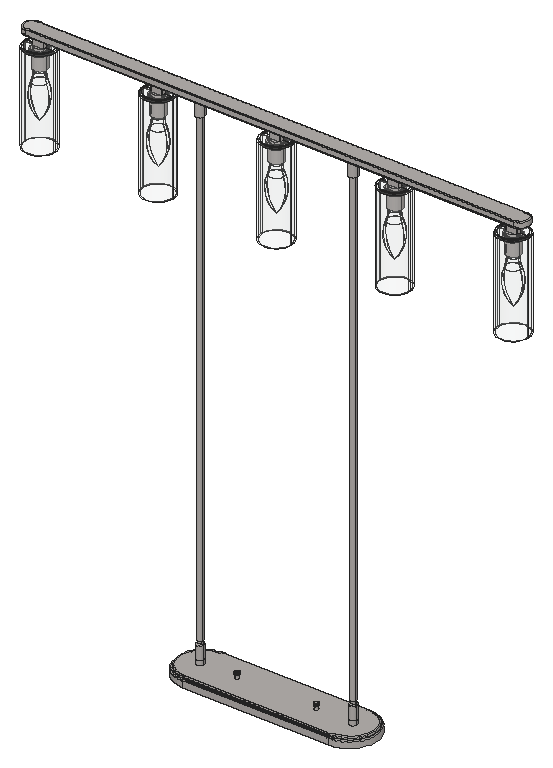
Revit family "Light_Fixture-Chandelier-KOHLER-Crue-K-35877_1", category Lighting Fixtures, host Face, Revit 2024
Family settings
  Host = Face
  Round Connector Dimension = Use Diameter
  Part Type = Normal
  OmniClass Number = 23.35.47.00
  OmniClass Title = Electrical Lighting
  Cut with Voids When Loaded = No
  Light Source = Yes
  Maintain Annotation Orientation = No
  Shared = No
  Room Calculation Point = No
Parameters (values of type "TTL-Titanium")
  Width = 44.98031"  # constant formula
  Wattage Comments = "200W"  # constant formula
  Wattage = 40 W
  WaterSense Certified = 1 = 0  # no
  built-in parameter 1150110 = 1 (stored number, unit not read)
  Voltage = 120 V  # constant formula
  URL = "https://www.us.kohler.com/us/"
  Type = 5
  Tube Height [instance] = Height - 0.55315"  # 45.94294"
  built-in parameter 1114217 = 1 (stored number, unit not read)
  built-in parameter 1150109 = 1 (stored number, unit not read)
  built-in parameter 1150134 = 1
  built-in parameter 1150113 = 1 (stored number, unit not read)
  Product Page URL = "http://www.us.kohler.com/us/catalog/productDetails.jsp?productNumber=35877-CH05"
  Product Name = "Crue"  # constant formula
  Product Documentation Link = "https://www.us.kohler.com/webassets/kpna/catalog/pdf/en/K-35877-CH05_spec_US-CA_Kohler_en.pdf"
  Model = if(Type = 1, "K-35877-CH05-2GL", if(Type = 2, "K-35877-CH05-BLL", if(Type = 3, "K-35877-CH05-BNL", if(Type = 4, "K-35877-CH05-CPL", if(Type = 5, "K-35877-CH05-TTL", "NA")))))  # "K-35877-CH05-TTL"
  Material = "Premium Metal Construction\r\n"  # constant formula
  Master Format 2014 Name = "Interior Lighting Fixtures, Lamps, And Ballasts"  # constant formula
  Master Format 2014 = "26 51 13"  # constant formula
  Manufacturer Address = "444 Highland Dr, Kohler, WI 53044"  # constant formula
  Manufacturer = "Kohler Co."  # constant formula
  built-in parameter 1150105 = 63.662 (stored number, unit not read)
  Lumens = 800 lm
  built-in parameter 1150115 = 1 (stored number, unit not read)
  Light Source Symbol Size = 3"  # constant formula
  built-in parameter 1150137 = (empty or 0)
  built-in parameter 1150139 = (empty or 0)
  Length = 4.72441"  # constant formula
  built-in parameter 1150112 = 1 (stored number, unit not read)
  built-in parameter 1150114 = 1 (stored number, unit not read)
  Lamp = "5*E12 Max 40W"  # constant formula
  built-in parameter 1150132 = (empty or 0)
  built-in parameter 1150102 = (empty or 0)
  built-in parameter 1150107 = 6500 (stored number, unit not read)
  built-in parameter 1150138 = (empty or 0)
  built-in parameter 1150106 = 0.63662 (stored number, unit not read)
  Height [instance] = 46 127/256"
  Hardware Included = 1 = 0  # no
  Finish = KOHLER-Metal-TTL-Titanium
  Environmental Product Declaration = ""
  Emit from Line Length = 4"
  Electrical Note = "One Dedicated Circuit Required"  # constant formula
  Electrical Connector = 1 = 1  # yes
  built-in parameter 1150104 = 1.8581 (stored number, unit not read)
  Dimming Lamp Color Temperature Shift = Incandescent Lamp Curve
  Description = "45 inch Linear Chandelier"  # constant formula
  Default Elevation = 0"
  Declare Label = ""
  Date Modified = "03/10/2026"  # constant formula
  Date Created = "01/23/2023"  # constant formula
  Copyright = "Copyright Kohler Co."  # constant formula
  Contact Us = "https://www.us.kohler.com/us/static/contact.jsp"
  Color Filter = 16777215
  built-in parameter 1114218 = 1 (stored number, unit not read)
  built-in parameter 1150133 = 10 (stored number, unit not read)
  Assembly Code = "D5040.50"
  Apparent Load = 200 VA  # constant formula
  ADA Compliant = 1 = 0  # no
Reference planes (in)
  plane 1 "Center (Front/Back)": y = 0
  plane 2: z = 0
  plane 3 "Center (Left/Right)": x = 0
  plane 4: z = 0
  plane 5: z = 0.7874
  plane 6: z = 1.56834
  plane 7: x = -8.85827
  plane 8: z = 2.59843
  plane 9: x = 8.85827
  plane 10: y = 2.3622
  plane 11: y = -2.3622
  plane 12: x = -22.48031
  plane 13: x = -21.10236
  plane 14: x = -19.72441
  plane 15: y = 1.37795
  plane 16: y = -1.37795
  plane 17: x = -11.92913
  plane 18: x = -10.55118
  plane 19: x = -9.17323
  plane 20: x = -1.37795
  plane 21: x = 1.37795
  plane 22: x = 9.17323
  plane 23: x = 10.55118
  plane 24: x = 11.92913
  plane 25: x = 19.74409
  plane 26: x = 21.12205
  plane 27: x = 22.5
  plane 28: z = 45.94294
  plane 29: z = 46.49609
  plane 30: z = 45.0709
  plane 31: z = 37.00003
  plane 32: z = 40.51381
Dimensions and locks (in)
  plane 27 to plane 25 = 2.75591"
  plane 24 to plane 22 = 2.75591"
  plane 21 to plane 20 = 2.75591"
  plane 19 to plane 17 = 2.75591"
  plane 12 to plane 14 = 2.75591"
  "Width": plane 12 to plane 27
  "Length": plane 10 to plane 11
  plane 5 to level = 0.7874"
  level to plane 8 = 2.59843"
  plane 7 to plane 9 = 17.71654"
  "Tube Height": plane 28 to level
  plane 29 to plane 31 = 9.49606"  (x2)
  plane 29 to plane 30 = 1.4252"
  plane 28 to plane 32 = 5.42913"
  "Height": plane 29 to level
  plane 29 to plane 28 = 0.55315"
  plane 31 to plane 30 = 8.07087"
  plane 13 to plane 18 = 10.55118"
  plane 23 to plane 26 = 10.57087"
  aligned and locked: plane 2 to host face
  aligned and locked: level to host face
  aligned and locked: plane 4 to nested 1
  aligned and locked: plane 4 to level
  aligned and locked: plane 28 to nested 2
  aligned and locked: plane 32 to nested 4
  aligned and locked: plane 32 to nested 3
  aligned and locked: imposter light to plane 32
  aligned and locked: plane 32 to nested 6
  aligned and locked: plane 32 to nested 5
Automatic sketch dimensions
  host sketch curve to host sketch curve = 96"  (x2)
Nested families (in)
  nested 1: "K-35877_Tube" at (0, 0, 1.24772), type "K-35877_Tube"
    with Tube Height 45.94294"
  nested 2: "K-35877" at (0, 0, 0.00011), type "K-35877"
    with Tube Height 45.94294"
  nested 3: "Light_Point_Source" at (-10.55118, 0, 40.51381), type "Light_Point_Source"
    with Wattage 40 W, Lumens 800 lm, Light Source Symbol Size 3", Emit from Line Length 4", Default Elevation 0", Apparent Load 200 VA
  nested 4: "Light_Point_Source" at (-21.10236, 0, 40.51381), type "Light_Point_Source"
    with Wattage 40 W, Lumens 800 lm, Light Source Symbol Size 3", Emit from Line Length 4", Default Elevation 0", Apparent Load 200 VA
  nested 5: "Light_Point_Source" at (21.12205, 0, 40.51381), type "Light_Point_Source"
    with Wattage 40 W, Lumens 800 lm, Light Source Symbol Size 3", Emit from Line Length 4", Default Elevation 0", Apparent Load 200 VA
  nested 6: "Light_Point_Source" at (10.55118, 0, 40.51381), type "Light_Point_Source"
    with Wattage 40 W, Lumens 800 lm, Light Source Symbol Size 3", Emit from Line Length 4", Default Elevation 0", Apparent Load 200 VA
Connectors (in)
  electrical at (0, 0, 0), driven by "Voltage", driven by "Apparent Load", driven by "Electrical Connector", driven by "Electrical Note"
    settings: on nested 1, index 1, voltage 120 V, apparent load 200 VA, apparent load phase1 0 VA, apparent load phase2 0 VA, apparent load phase3 0 VA, power factor 1, load classification "Lighting", number of poles 1, system type 30, power factor state 1, is connector primary yes, connector utility yes, sub classification motor no, connector description "One Dedicated Circuit Required"
Definition of nested family "K-35877_Tube"
  Parameters (values of type "K-35877_Tube")
    Tube Height = 43.97441"
    Material = none
    Default Elevation = 0"
  Reference planes (in)
    plane 1 "Light Source Axis (F/B)": y = 0
    plane 2: z = 0
    plane 3 "Light Source Axis (L/R)": x = 0
    plane 4 "Light Source Elevation": z = 54
    plane 5: z = -1.24772
    plane 6: y = 2.3622
    plane 7: y = -2.3622
    plane 8: z = -0.46032
    plane 9: z = 1.35071
    plane 10: x = -8.85827
    plane 11: x = 8.85827
    plane 12: z = 43.27984
    plane 13: z = 0.32062
    plane 14: z = -0.33866
    plane 15: z = 42.72669
  Forms (in)
    Sweep 1, solid, material <- "Material", detail levels medium+fine
      path origin (0, 0, 0) x (1, 0, 0) y (0, 1, 0)
        loop
          line (6.49525, 2.3622) -> (-6.49572, 2.3622)
          arc (-6.49572, 2.3622) -> (-8.85792, 0) -> (-6.49572, -2.3622) r 2.3622
          line (-6.49572, -2.3622) -> (6.49525, -2.3622)
          arc (6.49525, -2.3622) -> (8.85746, 0) -> (6.49525, 2.3622) r 2.3622
      profile origin (-0.00023, 2.3622, 0) x (0, -1, 0) y (0, 0, 1)
        loop
          line (0.4771, -0.46032) -> (0.25591, -0.46032)
          arc (0.25591, -0.46032) -> (0.21415, -0.47761) -> (0.19685, -0.51937) r 0.05906
          line (0.19685, -0.51937) -> (0.19685, -0.65717) -> (0.05906, -0.65717)
          arc (0.05906, -0.65717) -> (0.0173, -0.67446) -> (0, -0.71622) r 0.05906
          line (0, -0.71622) -> (0, -1.24772) -> (0.4771, -1.24772) -> (0.4771, -0.46032)
    Extrusion 2, solid, material <- "Material", detail levels medium+fine
      sketch origin (0, 0, 0) x (1, 0, 0) y (0, 1, 0)
        loop
          arc (6.49525, -1.8851) -> (8.38035, 0) -> (6.49525, 1.8851) r 1.8851
          line (6.49525, 1.8851) -> (-6.49572, 1.8851)
          arc (-6.49572, 1.8851) -> (-8.38082, 0) -> (-6.49572, -1.8851) r 1.8851
          line (-6.49572, -1.8851) -> (6.49525, -1.8851)
      from -1.24772 to -0.46032
    Revolve 3, solid, material <- "Material"
      sketch origin (0, 0, 0) x (1, 0, 0) y (0, 0, 1)
        loop
          line (-6.83071, -0.46032) -> (-6.83071, 1.19199) -> (-7.02762, 1.19199)
          arc (-7.02762, 1.19199) -> (-7.09718, 1.16318) -> (-7.12598, 1.09363) r 0.09836
          line (-7.12598, 1.09363) -> (-7.12598, -0.0431) -> (-7.07677, -0.0431) -> (-7.07677, -0.07449) -> (-7.12598, -0.07449) -> (-7.12598, -0.46032) -> (-6.83071, -0.46032)
        axis (-6.83071, -0.46032) -> (-6.83071, 1.19199)
      angle from 0 to 360
    Extrusion 4, void
      sketch origin (0, 0, 0) x (0, 1, 0) y (0, 0, 1)
        loop
          line (0.18701, 0.88111) -> (0.18701, 1.24196) -> (-0.18701, 1.24196) -> (-0.18701, 0.88111) -> (0.18701, 0.88111)
      from -10.50858 to -6.70428
    Revolve 5, solid, material <- "Material"
      sketch origin (0, 0, 0) x (1, 0, 0) y (0, 0, 1)
        loop
          line (-6.83071, 0.88111) -> (-6.83071, 42.72669) -> (-7.22441, 42.72669) -> (-7.22441, 41.39008) -> (-7.07677, 41.39008) -> (-7.07677, 1.47014) -> (-7.02244, 1.47014) -> (-7.02244, 0.88111) -> (-6.83071, 0.88111)
        axis (-6.83071, 0.88111) -> (-6.83071, 42.72669)
      angle from 0 to 360
    Revolve 6, solid, material <- "Material", detail levels medium+fine
      sketch origin (-3.53148, -1.37795, -1.2478) x (0, 1, 0) y (0, 0, 1)
        loop
          line (1.37795, 0.78748) -> (1.51195, 0.78748)
          arc (1.51195, 0.78748) -> (1.52603, 0.79474) -> (1.52828, 0.81042) r 0.01728
          arc (1.52828, 0.81042) -> (1.51253, 0.97526) -> (1.57426, 1.12891) r 0.35023
          line (1.57426, 1.12891) -> (1.57426, 1.25941) -> (1.37795, 1.25941) -> (1.37795, 0.78748)
        axis (1.37795, 0.78748) -> (1.37795, 1.25941)
      angle from 0 to 360
    Extrusion 7, void
      sketch origin (-3.53148, -1.37795, -1.2478) x (1, 0, 0) y (0, 1, 0)
        loop
          line (-0.01207, 1.57389) -> (0, 1.54539) -> (0.01207, 1.57389) -> (0.01207, 1.63089) -> (-0.01207, 1.57389)
      from 0.90914 to 1.56842
    Extrusion 8, void
      sketch origin (-3.91129, -1.32457, -1.2478) x (0.961262, -0.275637, 0) y (0.275637, 0.961262, 0)
        loop
          line (-0.01207, 1.57389) -> (0, 1.54539) -> (0.01207, 1.57389) -> (0.01207, 1.63089) -> (-0.01207, 1.57389)
      from 0.90914 to 1.56842
    Extrusion 9, void
      sketch origin (-4.234, -1.18542, -1.2478) x (0.860276, -0.509829, 0) y (0.509829, 0.860276, 0)
        loop
          line (-0.01207, 1.57389) -> (0, 1.54539) -> (0.01207, 1.57389) -> (0.01207, 1.63089) -> (-0.01207, 1.57389)
      from 0.90914 to 1.56842
    Extrusion 10, void
      sketch origin (-4.53353, -0.94586, -1.2478) x (0.686422, -0.727203, 0) y (0.727203, 0.686422, 0)
        loop
          line (-0.01207, 1.57389) -> (0, 1.54539) -> (0.01207, 1.57389) -> (0.01207, 1.63089) -> (-0.01207, 1.57389)
      from 0.90914 to 1.56842
    Extrusion 11, void
      sketch origin (-4.73879, -0.6642, -1.2478) x (0.482017, -0.876162, 0) y (0.876162, 0.482017, 0)
        loop
          line (-0.01207, 1.57389) -> (0, 1.54539) -> (0.01207, 1.57389) -> (0.01207, 1.63089) -> (-0.01207, 1.57389)
      from 0.90914 to 1.56842
    Extrusion 12, void
      sketch origin (-4.8751, -0.30569, -1.2478) x (0.221841, -0.975083, 0) y (0.975083, 0.221841, 0)
        loop
          line (-0.01207, 1.57389) -> (0, 1.54539) -> (0.01207, 1.57389) -> (0.01207, 1.63089) -> (-0.01207, 1.57389)
      from 0.90914 to 1.56842
    Extrusion 13, void
      sketch origin (-4.90872, 0.04413, -1.2478) x (-0.032025, -0.999487, 0) y (0.999487, -0.032025, 0)
        loop
          line (-0.01207, 1.57389) -> (0, 1.54539) -> (0.01207, 1.57389) -> (0.01207, 1.63089) -> (-0.01207, 1.57389)
      from 0.90914 to 1.56842
    Extrusion 14, void
      sketch origin (-4.84321, 0.42204, -1.2478) x (-0.306281, -0.951941, 0) y (0.951941, -0.306281, 0)
        loop
          line (-0.01207, 1.57389) -> (0, 1.54539) -> (0.01207, 1.57389) -> (0.01207, 1.63089) -> (-0.01207, 1.57389)
      from 0.90914 to 1.56842
    Extrusion 15, void
      sketch origin (-4.64249, 0.81511, -1.2478) x (-0.591539, -0.806276, 0) y (0.806276, -0.591539, 0)
        loop
          line (-0.01207, 1.57389) -> (0, 1.54539) -> (0.01207, 1.57389) -> (0.01207, 1.63089) -> (-0.01207, 1.57389)
      from 0.90914 to 1.56842
    Extrusion 16, void
      sketch origin (-4.37478, 1.08977, -1.2478) x (-0.790864, -0.611992, 0) y (0.611992, -0.790864, 0)
        loop
          line (-0.01207, 1.57389) -> (0, 1.54539) -> (0.01207, 1.57389) -> (0.01207, 1.63089) -> (-0.01207, 1.57389)
      from 0.90914 to 1.56842
    Extrusion 17, void
      sketch origin (-4.07169, 1.26765, -1.2478) x (-0.91995, -0.392037, 0) y (0.392037, -0.91995, 0)
        loop
          line (-0.01207, 1.57389) -> (0, 1.54539) -> (0.01207, 1.57389) -> (0.01207, 1.63089) -> (-0.01207, 1.57389)
      from 0.90914 to 1.56842
    Extrusion 18, void
      sketch origin (-3.70135, 1.36744, -1.2478) x (-0.992372, -0.123277, 0) y (0.123277, -0.992372, 0)
        loop
          line (-0.01207, 1.57389) -> (0, 1.54539) -> (0.01207, 1.57389) -> (0.01207, 1.63089) -> (-0.01207, 1.57389)
      from 0.90914 to 1.56842
    Extrusion 19, void
      sketch origin (-3.35283, 1.36632, -1.2478) x (-0.99156, 0.129645, 0) y (-0.129645, -0.99156, 0)
        loop
          line (-0.01207, 1.57389) -> (0, 1.54539) -> (0.01207, 1.57389) -> (0.01207, 1.63089) -> (-0.01207, 1.57389)
      from 0.90914 to 1.56842
    Extrusion 20, void
      sketch origin (-2.98314, 1.26415, -1.2478) x (-0.917414, 0.397934, 0) y (-0.397934, -0.917414, 0)
        loop
          line (-0.01207, 1.57389) -> (0, 1.54539) -> (0.01207, 1.57389) -> (0.01207, 1.63089) -> (-0.01207, 1.57389)
      from 0.90914 to 1.56842
    Extrusion 21, void
      sketch origin (-2.6812, 1.08434, -1.2478) x (-0.786919, 0.617057, 0) y (-0.617057, -0.786919, 0)
        loop
          line (-0.01207, 1.57389) -> (0, 1.54539) -> (0.01207, 1.57389) -> (0.01207, 1.63089) -> (-0.01207, 1.57389)
      from 0.90914 to 1.56842
    Extrusion 22, void
      sketch origin (-2.41526, 0.80796, -1.2478) x (-0.586351, 0.810057, 0) y (-0.810057, -0.586351, 0)
        loop
          line (-0.01207, 1.57389) -> (0, 1.54539) -> (0.01207, 1.57389) -> (0.01207, 1.63089) -> (-0.01207, 1.57389)
      from 0.90914 to 1.56842
    Extrusion 23, void
      sketch origin (-2.24962, 0.50556, -1.2478) x (-0.366895, 0.930262, 0) y (-0.930262, -0.366895, 0)
        loop
          line (-0.01207, 1.57389) -> (0, 1.54539) -> (0.01207, 1.57389) -> (0.01207, 1.63089) -> (-0.01207, 1.57389)
      from 0.90914 to 1.56842
    Extrusion 24, void
      sketch origin (-2.15993, 0.13265, -1.2478) x (-0.096267, 0.995355, 0) y (-0.995355, -0.096267, 0)
        loop
          line (-0.01207, 1.57389) -> (0, 1.54539) -> (0.01207, 1.57389) -> (0.01207, 1.63089) -> (-0.01207, 1.57389)
      from 0.90914 to 1.56842
    Extrusion 25, void
      sketch origin (-2.17098, -0.2186, -1.2478) x (0.158643, 0.987336, 0) y (-0.987336, 0.158643, 0)
        loop
          line (-0.01207, 1.57389) -> (0, 1.54539) -> (0.01207, 1.57389) -> (0.01207, 1.63089) -> (-0.01207, 1.57389)
      from 0.90914 to 1.56842
    Extrusion 26, void
      sketch origin (-2.28394, -0.58514, -1.2478) x (0.424644, 0.90536, 0) y (-0.90536, 0.424644, 0)
        loop
          line (-0.01207, 1.57389) -> (0, 1.54539) -> (0.01207, 1.57389) -> (0.01207, 1.63089) -> (-0.01207, 1.57389)
      from 0.90914 to 1.56842
    Extrusion 27, void
      sketch origin (-2.47065, -0.87942, -1.2478) x (0.638211, 0.769862, 0) y (-0.769862, 0.638211, 0)
        loop
          line (-0.01207, 1.57389) -> (0, 1.54539) -> (0.01207, 1.57389) -> (0.01207, 1.63089) -> (-0.01207, 1.57389)
      from 0.90914 to 1.56842
    Extrusion 28, void
      sketch origin (-2.75414, -1.13776, -1.2478) x (0.82569, 0.564124, 0) y (-0.564124, 0.82569, 0)
        loop
          line (-0.01207, 1.57389) -> (0, 1.54539) -> (0.01207, 1.57389) -> (0.01207, 1.63089) -> (-0.01207, 1.57389)
      from 0.90914 to 1.56842
    Extrusion 29, void
      sketch origin (-3.06723, -1.29739, -1.2478) x (0.941535, 0.336915, 0) y (-0.336915, 0.941535, 0)
        loop
          line (-0.01207, 1.57389) -> (0, 1.54539) -> (0.01207, 1.57389) -> (0.01207, 1.63089) -> (-0.01207, 1.57389)
      from 0.90914 to 1.56842
    Revolve 30, solid, material <- "Material"
      sketch origin (0, 0, 0) x (-1, 0, 0) y (0, 0, -1)
        loop
          line (-6.83071, 0.46032) -> (-7.12598, 0.46032) -> (-7.12598, 0.07449) -> (-7.07677, 0.07449) -> (-7.07677, 0.0431) -> (-7.12598, 0.0431) -> (-7.12598, -1.09363)
          arc (-7.12598, -1.09363) -> (-7.09718, -1.16318) -> (-7.02762, -1.19199) r 0.09836
          line (-7.02762, -1.19199) -> (-6.83071, -1.19199) -> (-6.83071, 0.46032)
        axis (-6.83071, 0.46032) -> (-6.83071, -1.19199)
      angle from 0 to 360
    Revolve 31, solid, material <- "Material"
      sketch origin (0, 0, 0) x (-1, 0, 0) y (0, 0, -1)
        loop
          line (-6.83071, -0.88111) -> (-7.02244, -0.88111) -> (-7.02244, -1.47014) -> (-7.07677, -1.47014) -> (-7.07677, -41.39008) -> (-7.22441, -41.39008) -> (-7.22441, -42.72669) -> (-6.83071, -42.72669) -> (-6.83071, -0.88111)
        axis (-6.83071, -0.88111) -> (-6.83071, -42.72669)
      angle from 0 to 360
    Revolve 32, solid, material <- "Material", detail levels medium+fine
      sketch origin (3.53148, -1.37795, -1.2478) x (0, 1, 0) y (0, 0, -1)
        loop
          line (1.37795, -0.78748) -> (1.37795, -1.25941) -> (1.57426, -1.25941) -> (1.57426, -1.12891)
          arc (1.57426, -1.12891) -> (1.51253, -0.97526) -> (1.52828, -0.81042) r 0.35023
          arc (1.52828, -0.81042) -> (1.52603, -0.79474) -> (1.51195, -0.78748) r 0.01728
          line (1.51195, -0.78748) -> (1.37795, -0.78748)
        axis (1.37795, -0.78748) -> (1.37795, -1.25941)
      angle from 0 to 360
    Extrusion 33, void
      sketch origin (3.53148, -1.37795, -1.2478) x (-1, 0, 0) y (0, -1, 0)
        loop
          line (-0.01207, -1.57389) -> (0.01207, -1.63089) -> (0.01207, -1.57389) -> (0, -1.54539) -> (-0.01207, -1.57389)
      from 0.90914 to 1.56842
    Extrusion 34, void
      sketch origin (3.91129, -1.32457, -1.2478) x (-0.961262, -0.275637, 0) y (0.275637, -0.961262, 0)
        loop
          line (-0.01207, -1.57389) -> (0.01207, -1.63089) -> (0.01207, -1.57389) -> (0, -1.54539) -> (-0.01207, -1.57389)
      from 0.90914 to 1.56842
    Extrusion 35, void
      sketch origin (4.234, -1.18542, -1.2478) x (-0.860276, -0.509829, 0) y (0.509829, -0.860276, 0)
        loop
          line (-0.01207, -1.57389) -> (0.01207, -1.63089) -> (0.01207, -1.57389) -> (0, -1.54539) -> (-0.01207, -1.57389)
      from 0.90914 to 1.56842
    Extrusion 36, void
      sketch origin (4.53353, -0.94586, -1.2478) x (-0.686422, -0.727203, 0) y (0.727203, -0.686422, 0)
        loop
          line (-0.01207, -1.57389) -> (0.01207, -1.63089) -> (0.01207, -1.57389) -> (0, -1.54539) -> (-0.01207, -1.57389)
      from 0.90914 to 1.56842
    Extrusion 37, void
      sketch origin (4.73879, -0.6642, -1.2478) x (-0.482017, -0.876162, 0) y (0.876162, -0.482017, 0)
        loop
          line (-0.01207, -1.57389) -> (0.01207, -1.63089) -> (0.01207, -1.57389) -> (0, -1.54539) -> (-0.01207, -1.57389)
      from 0.90914 to 1.56842
    Extrusion 38, void
      sketch origin (4.8751, -0.30569, -1.2478) x (-0.221841, -0.975083, 0) y (0.975083, -0.221841, 0)
        loop
          line (-0.01207, -1.57389) -> (0.01207, -1.63089) -> (0.01207, -1.57389) -> (0, -1.54539) -> (-0.01207, -1.57389)
      from 0.90914 to 1.56842
    Extrusion 39, void
      sketch origin (4.90872, 0.04413, -1.2478) x (0.032025, -0.999487, 0) y (0.999487, 0.032025, 0)
        loop
          line (-0.01207, -1.57389) -> (0.01207, -1.63089) -> (0.01207, -1.57389) -> (0, -1.54539) -> (-0.01207, -1.57389)
      from 0.90914 to 1.56842
    Extrusion 40, void
      sketch origin (4.84321, 0.42204, -1.2478) x (0.306281, -0.951941, 0) y (0.951941, 0.306281, 0)
        loop
          line (-0.01207, -1.57389) -> (0.01207, -1.63089) -> (0.01207, -1.57389) -> (0, -1.54539) -> (-0.01207, -1.57389)
      from 0.90914 to 1.56842
    Extrusion 41, void
      sketch origin (4.64249, 0.81511, -1.2478) x (0.591539, -0.806276, 0) y (0.806276, 0.591539, 0)
        loop
          line (-0.01207, -1.57389) -> (0.01207, -1.63089) -> (0.01207, -1.57389) -> (0, -1.54539) -> (-0.01207, -1.57389)
      from 0.90914 to 1.56842
    Extrusion 42, void
      sketch origin (4.37478, 1.08977, -1.2478) x (0.790864, -0.611992, 0) y (0.611992, 0.790864, 0)
        loop
          line (-0.01207, -1.57389) -> (0.01207, -1.63089) -> (0.01207, -1.57389) -> (0, -1.54539) -> (-0.01207, -1.57389)
      from 0.90914 to 1.56842
    Extrusion 43, void
      sketch origin (4.07169, 1.26765, -1.2478) x (0.91995, -0.392037, 0) y (0.392037, 0.91995, 0)
        loop
          line (-0.01207, -1.57389) -> (0.01207, -1.63089) -> (0.01207, -1.57389) -> (0, -1.54539) -> (-0.01207, -1.57389)
      from 0.90914 to 1.56842
    Extrusion 44, void
      sketch origin (3.70135, 1.36744, -1.2478) x (0.992372, -0.123277, 0) y (0.123277, 0.992372, 0)
        loop
          line (-0.01207, -1.57389) -> (0.01207, -1.63089) -> (0.01207, -1.57389) -> (0, -1.54539) -> (-0.01207, -1.57389)
      from 0.90914 to 1.56842
    Extrusion 45, void
      sketch origin (3.35283, 1.36632, -1.2478) x (0.99156, 0.129645, 0) y (-0.129645, 0.99156, 0)
        loop
          line (-0.01207, -1.57389) -> (0.01207, -1.63089) -> (0.01207, -1.57389) -> (0, -1.54539) -> (-0.01207, -1.57389)
      from 0.90914 to 1.56842
    Extrusion 46, void
      sketch origin (2.98314, 1.26415, -1.2478) x (0.917414, 0.397934, 0) y (-0.397934, 0.917414, 0)
        loop
          line (-0.01207, -1.57389) -> (0.01207, -1.63089) -> (0.01207, -1.57389) -> (0, -1.54539) -> (-0.01207, -1.57389)
      from 0.90914 to 1.56842
    Extrusion 47, void
      sketch origin (2.6812, 1.08434, -1.2478) x (0.786919, 0.617057, 0) y (-0.617057, 0.786919, 0)
        loop
          line (-0.01207, -1.57389) -> (0.01207, -1.63089) -> (0.01207, -1.57389) -> (0, -1.54539) -> (-0.01207, -1.57389)
      from 0.90914 to 1.56842
    Extrusion 48, void
      sketch origin (2.41526, 0.80796, -1.2478) x (0.586351, 0.810057, 0) y (-0.810057, 0.586351, 0)
        loop
          line (-0.01207, -1.57389) -> (0.01207, -1.63089) -> (0.01207, -1.57389) -> (0, -1.54539) -> (-0.01207, -1.57389)
      from 0.90914 to 1.56842
    Extrusion 49, void
      sketch origin (2.24962, 0.50556, -1.2478) x (0.366895, 0.930262, 0) y (-0.930262, 0.366895, 0)
        loop
          line (-0.01207, -1.57389) -> (0.01207, -1.63089) -> (0.01207, -1.57389) -> (0, -1.54539) -> (-0.01207, -1.57389)
      from 0.90914 to 1.56842
    Extrusion 50, void
      sketch origin (2.15993, 0.13265, -1.2478) x (0.096267, 0.995355, 0) y (-0.995355, 0.096267, 0)
        loop
          line (-0.01207, -1.57389) -> (0.01207, -1.63089) -> (0.01207, -1.57389) -> (0, -1.54539) -> (-0.01207, -1.57389)
      from 0.90914 to 1.56842
    Extrusion 51, void
      sketch origin (2.17098, -0.2186, -1.2478) x (-0.158643, 0.987336, 0) y (-0.987336, -0.158643, 0)
        loop
          line (-0.01207, -1.57389) -> (0.01207, -1.63089) -> (0.01207, -1.57389) -> (0, -1.54539) -> (-0.01207, -1.57389)
      from 0.90914 to 1.56842
    Extrusion 52, void
      sketch origin (2.28394, -0.58514, -1.2478) x (-0.424644, 0.90536, 0) y (-0.90536, -0.424644, 0)
        loop
          line (-0.01207, -1.57389) -> (0.01207, -1.63089) -> (0.01207, -1.57389) -> (0, -1.54539) -> (-0.01207, -1.57389)
      from 0.90914 to 1.56842
    Extrusion 53, void
      sketch origin (2.47065, -0.87942, -1.2478) x (-0.638211, 0.769862, 0) y (-0.769862, -0.638211, 0)
        loop
          line (-0.01207, -1.57389) -> (0.01207, -1.63089) -> (0.01207, -1.57389) -> (0, -1.54539) -> (-0.01207, -1.57389)
      from 0.90914 to 1.56842
    Extrusion 54, void
      sketch origin (2.75414, -1.13776, -1.2478) x (-0.82569, 0.564124, 0) y (-0.564124, -0.82569, 0)
        loop
          line (-0.01207, -1.57389) -> (0.01207, -1.63089) -> (0.01207, -1.57389) -> (0, -1.54539) -> (-0.01207, -1.57389)
      from 0.90914 to 1.56842
    Extrusion 55, void
      sketch origin (3.06723, -1.29739, -1.2478) x (-0.941535, 0.336915, 0) y (-0.336915, -0.941535, 0)
        loop
          line (-0.01207, -1.57389) -> (0.01207, -1.63089) -> (0.01207, -1.57389) -> (0, -1.54539) -> (-0.01207, -1.57389)
      from 0.90914 to 1.56842
    Extrusion 56, void
      sketch origin (0, 0, 0) x (0, 1, 0) y (0, 0, -1)
        loop
          line (0.18701, -0.88111) -> (-0.18701, -0.88111) -> (-0.18701, -1.24196) -> (0.18701, -1.24196) -> (0.18701, -0.88111)
      from -6.83071 to -3.93701
    Extrusion 57, solid, material <- "Material", detail levels coarse
      sketch origin (0, 0, 0) x (1, 0, 0) y (0, 1, 0)
        loop
          line (-6.49606, -2.3622) -> (6.49606, -2.3622)
          arc (6.49606, -2.3622) -> (8.85827, 0) -> (6.49606, 2.3622) r 2.3622
          line (6.49606, 2.3622) -> (-6.49606, 2.3622)
          arc (-6.49606, 2.3622) -> (-8.85827, 0) -> (-6.49606, -2.3622) r 2.3622
      from -1.24772 to -0.46032
    Extrusion 58, solid, material <- "Material", detail levels coarse
      sketch origin (0, 0, 0) x (1, 0, 0) y (0, 1, 0)
        loop
          circle (-3.5223, 0) r 0.21409
        loop
          circle (3.5223, 0) r 0.21409
      from -0.46032 to 0
    Extrusion 59, solid, material <- "Material"
      sketch origin (0, 0, 0) x (1, 0, 0) y (0, 1, 0)
        loop
          circle (0, 0) r 0.19685
      from -1.24772 to -0.95649
  Cuts and joins
    joined: Sweep 1, Extrusion 2
    Extrusion 4, Extrusion 56 cuts Revolve 3
    Extrusion 7, Extrusion 8, Extrusion 9, Extrusion 10, Extrusion 11, Extrusion 12, Extrusion 13, Extrusion 14, Extrusion 15, Extrusion 16, Extrusion 17, Extrusion 18, Extrusion 19, Extrusion 20, Extrusion 21, Extrusion 22, Extrusion 23, Extrusion 24, Extrusion 25, Extrusion 26, Extrusion 27, Extrusion 28, Extrusion 29, Extrusion 33 cuts Revolve 6
    Extrusion 33, Extrusion 34, Extrusion 35, Extrusion 36, Extrusion 37, Extrusion 38, Extrusion 39, Extrusion 40, Extrusion 41, Extrusion 42, Extrusion 43, Extrusion 44, Extrusion 45, Extrusion 46, Extrusion 47, Extrusion 48, Extrusion 49, Extrusion 50, Extrusion 51, Extrusion 52, Extrusion 53, Extrusion 54, Extrusion 55 cuts Revolve 32
    Extrusion 56 cuts Revolve 5
    Extrusion 56 cuts Revolve 30
  Lines and regions (in)
    Masking region 1
      outline origin (0, 0, 0) x (1, 0, 0) y (0, 0, 1)
        loop
          line (-0.00023, -1.24772) -> (8.85827, -1.24772) -> (8.85827, -0.71622)
          arc (8.85827, -0.71622) -> (8.84097, -0.67446) -> (8.79921, -0.65717) r 0.05906
          line (8.79921, -0.65717) -> (8.69493, -0.65717)
          arc (8.69493, -0.65717) -> (8.67266, -0.64794) -> (8.66344, -0.62567) r 0.03149
          line (8.66344, -0.62567) -> (8.66344, -0.51937)
          arc (8.66344, -0.51937) -> (8.64614, -0.47761) -> (8.60438, -0.46032) r 0.05906
          line (8.60438, -0.46032) -> (7.12598, -0.46032) -> (7.12598, 1.06798)
          arc (7.12598, 1.06798) -> (7.09529, 1.15184) -> (7.01772, 1.19607) r 0.1299
          line (7.01772, 1.19607) -> (7.01772, 1.31134) -> (7.07677, 1.31134) -> (7.07677, 41.39008) -> (7.22441, 41.39008) -> (7.22441, 42.72669) -> (6.43701, 42.72669) -> (6.43701, 41.39008) -> (6.58465, 41.39008) -> (6.58465, 1.31134) -> (6.6437, 1.31134) -> (6.6437, 1.13272)
          arc (6.6437, 1.13272) -> (6.61354, 1.10819) -> (6.6022, 1.071) r 0.06665
          line (6.6022, 1.071) -> (6.6022, 0.88111) -> (6.53543, 0.88111) -> (6.53543, -0.46032) -> (3.67202, -0.46032)
          arc (3.67202, -0.46032) -> (3.6878, -0.45228) -> (3.69103, -0.43486) r 0.02002
          arc (3.69103, -0.43486) -> (3.68154, -0.27347) -> (3.74062, -0.12299) r 0.37643
          line (3.74062, -0.12299) -> (3.74062, -0.01969)
          arc (3.74062, -0.01969) -> (3.73146, 0.00244) -> (3.70932, 0.01161) r 0.0313
          line (3.70932, 0.01161) -> (3.54491, 0.01161) -> (3.3805, 0.01161)
          arc (3.3805, 0.01161) -> (3.35837, 0.00244) -> (3.3492, -0.01969) r 0.0313
          line (3.3492, -0.01969) -> (3.3492, -0.12299)
          arc (3.3492, -0.12299) -> (3.40858, -0.27536) -> (3.39774, -0.43853) r 0.37643
          arc (3.39774, -0.43853) -> (3.40161, -0.4551) -> (3.41781, -0.46032) r 0.01728
          line (3.41781, -0.46032) -> (0, -0.46032) -> (-3.41781, -0.46032)
          arc (-3.41781, -0.46032) -> (-3.40161, -0.4551) -> (-3.39774, -0.43853) r 0.01728
          arc (-3.39774, -0.43853) -> (-3.40858, -0.27536) -> (-3.3492, -0.12299) r 0.37643
          line (-3.3492, -0.12299) -> (-3.3492, -0.01969)
          arc (-3.3492, -0.01969) -> (-3.35837, 0.00244) -> (-3.3805, 0.01161) r 0.0313
          line (-3.3805, 0.01161) -> (-3.54491, 0.01161) -> (-3.70932, 0.01161)
          arc (-3.70932, 0.01161) -> (-3.73146, 0.00244) -> (-3.74062, -0.01969) r 0.0313
          line (-3.74062, -0.01969) -> (-3.74062, -0.12299)
          arc (-3.74062, -0.12299) -> (-3.68175, -0.2722) -> (-3.69034, -0.43237) r 0.37643
          arc (-3.69034, -0.43237) -> (-3.68941, -0.44827) -> (-3.679, -0.46032) r 0.02479
          line (-3.679, -0.46032) -> (-6.53543, -0.46032) -> (-6.53543, 1.071)
          arc (-6.53543, 1.071) -> (-6.56626, 1.15371) -> (-6.6437, 1.19607) r 0.12637
          line (-6.6437, 1.19607) -> (-6.6437, 1.31134) -> (-6.58465, 1.31134) -> (-6.58465, 41.39008) -> (-6.43701, 41.39008) -> (-6.43701, 42.72669) -> (-7.22441, 42.72669) -> (-7.22441, 41.39008) -> (-7.07677, 41.39008) -> (-7.07677, 1.31134) -> (-7.01772, 1.31134) -> (-7.01772, 1.13272)
          arc (-7.01772, 1.13272) -> (-7.04788, 1.10819) -> (-7.05922, 1.071) r 0.06665
          line (-7.05922, 1.071) -> (-7.05922, 0.88111) -> (-7.12598, 0.88111) -> (-7.12598, -0.46032) -> (-8.60438, -0.46032)
          arc (-8.60438, -0.46032) -> (-8.64614, -0.47761) -> (-8.66344, -0.51937) r 0.05906
          line (-8.66344, -0.51937) -> (-8.66344, -0.65717) -> (-8.79921, -0.65717)
          arc (-8.79921, -0.65717) -> (-8.84097, -0.67446) -> (-8.85827, -0.71622) r 0.05906
          line (-8.85827, -0.71622) -> (-8.85827, -1.24772) -> (-0.00023, -1.24772)
    Masking region 2
      outline origin (0, 0, 0) x (0, 1, 0) y (0, 0, 1)
        loop
          line (0, -1.24772) -> (2.3622, -1.24772) -> (2.3622, -0.71622)
          arc (2.3622, -0.71622) -> (2.34491, -0.67446) -> (2.30315, -0.65717) r 0.05906
          line (2.30315, -0.65717) -> (2.16535, -0.65717) -> (2.16535, -0.51937)
          arc (2.16535, -0.51937) -> (2.14806, -0.47761) -> (2.1063, -0.46032) r 0.05906
          line (2.1063, -0.46032) -> (0.29416, -0.46032) -> (0.29416, -0.07449) -> (0.24606, -0.07449) -> (0.24606, -0.0431) -> (0.29528, -0.0431) -> (0.29528, 1.09642)
          arc (0.29528, 1.09642) -> (0.26629, 1.16499) -> (0.19692, 1.19199) r 0.09561
          line (0.19692, 1.19199) -> (0.19692, 1.47014) -> (0.24606, 1.47014) -> (0.24606, 41.39008) -> (0.3937, 41.39008) -> (0.3937, 42.72669) -> (0, 42.72669) -> (-0.3937, 42.72669) -> (-0.3937, 41.39008) -> (-0.24606, 41.39008) -> (-0.24606, 1.47014) -> (-0.19692, 1.47014) -> (-0.19692, 1.19199)
          arc (-0.19692, 1.19199) -> (-0.26629, 1.16499) -> (-0.29528, 1.09642) r 0.09561
          line (-0.29528, 1.09642) -> (-0.29528, -0.0431) -> (-0.24606, -0.0431) -> (-0.24606, -0.07449) -> (-0.29416, -0.07449) -> (-0.29416, -0.46032) -> (-2.1063, -0.46032)
          arc (-2.1063, -0.46032) -> (-2.14806, -0.47761) -> (-2.16535, -0.51937) r 0.05906
          line (-2.16535, -0.51937) -> (-2.16535, -0.65717) -> (-2.30315, -0.65717)
          arc (-2.30315, -0.65717) -> (-2.34491, -0.67446) -> (-2.3622, -0.71622) r 0.05906
          line (-2.3622, -0.71622) -> (-2.3622, -1.24772) -> (0, -1.24772)
    symbolic lines, detail levels medium+fine
      curve 1: line (-7.12598, 0, -0.46032) -> (-6.53543, 0, -0.46032)
      curve 2: line (-3.679, 0, -0.46032) -> (-3.39062, 0, -0.46032)
      curve 3: line (3.41781, 0, -0.46032) -> (3.67202, 0, -0.46032)
      curve 4: line (6.53543, 0, -0.46032) -> (7.12598, 0, -0.46032)
      curve 5: line (8.69493, 0, -0.65717) -> (-8.71824, 0, -0.65717)
      curve 6: line (6.6437, 0, 1.31134) -> (7.01772, 0, 1.31134)
      curve 7: line (6.82087, 0, 1.19607) -> (7.01772, 0, 1.19607)
      curve 8: line (-6.6437, 0, 1.31134) -> (-7.07677, 0, 1.31134)
      curve 9: line (-6.6437, 0, 1.19607) -> (-6.83071, 0, 1.19607)
      curve 10: arc (-6.83071, 0, 1.19607) -> (-6.92943, 0, 1.1798) -> (-7.01772, 0, 1.13272) r 0.3077
      curve 11: line (-7.07677, 0, 41.39008) -> (-6.58465, 0, 41.39008)
      curve 12: line (-3.36251, 0, 0) -> (-3.72352, 0, 0)
      curve 13: line (-3.73927, 0, -0.12065) -> (-3.73927, 0, -0.01575)
      curve 14: line (-3.34676, 0, -0.12111) -> (-3.34676, 0, -0.01575)
      curve 15: line (-3.72938, 0, -0.13036) -> (-3.72938, 0, -0.03323)
      curve 16: line (-3.71371, 0, -0.03323) -> (-3.71371, 0, -0.13036)
      curve 17: line (-3.6979, 0, -0.13036) -> (-3.6979, 0, -0.03323)
      curve 18: arc (-3.73927, 0, -0.03323) -> (-3.733, 0, -0.01547) -> (-3.71847, 0, -0.00351) r 0.03513
      curve 19: arc (-3.72938, 0, -0.03323) -> (-3.72225, 0, -0.01588) -> (-3.70838, 0, -0.00325) r 0.04274
      curve 20: arc (-3.71679, 0, -0.03323) -> (-3.71465, 0, -0.01766) -> (-3.70838, 0, -0.00325) r 0.05767
      curve 21: arc (-3.71371, 0, -0.03323) -> (-3.70763, 0, -0.01449) -> (-3.69169, 0, -0.00291) r 0.03187
      curve 22: arc (-3.6979, 0, -0.03323) -> (-3.69633, 0, -0.01776) -> (-3.69169, 0, -0.00291) r 0.07709
      curve 23: arc (-3.72938, 0, -0.13036) -> (-3.72225, 0, -0.14771) -> (-3.70838, 0, -0.16034) r 0.04274
      curve 24: arc (-3.71679, 0, -0.13036) -> (-3.71465, 0, -0.14593) -> (-3.70838, 0, -0.16034) r 0.05767
      curve 25: arc (-3.71371, 0, -0.13036) -> (-3.70763, 0, -0.1491) -> (-3.69169, 0, -0.16067) r 0.03187
      curve 26: arc (-3.6979, 0, -0.13036) -> (-3.69633, 0, -0.14583) -> (-3.69169, 0, -0.16067) r 0.07709
      curve 27: line (-3.68224, 0, -0.03323) -> (-3.68224, 0, -0.13036)
      curve 28: arc (-3.69482, 0, -0.03323) -> (-3.6877, 0, -0.01588) -> (-3.67383, 0, -0.00325) r 0.04274
      curve 29: arc (-3.68224, 0, -0.03323) -> (-3.6801, 0, -0.01766) -> (-3.67383, 0, -0.00325) r 0.05767
      curve 30: arc (-3.69482, 0, -0.13036) -> (-3.6877, 0, -0.14771) -> (-3.67383, 0, -0.16034) r 0.04274
      curve 31: arc (-3.68224, 0, -0.13036) -> (-3.6801, 0, -0.14593) -> (-3.67383, 0, -0.16034) r 0.05767
      curve 32: line (-3.71679, 0, -0.03323) -> (-3.71679, 0, -0.13036)
      curve 33: line (-3.69482, 0, -0.03323) -> (-3.69482, 0, -0.13036)
      curve 34: arc (-3.72938, 0, -0.03323) -> (-3.72656, 0, -0.0174) -> (-3.71847, 0, -0.00351) r 0.04592
      curve 35: arc (-3.55877, 0, -0.03345) -> (-3.5543, 0, -0.01683) -> (-3.54302, 0, -0.00383) r 0.0384
      curve 36: arc (-3.59829, 0, -0.03201) -> (-3.60193, 0, -0.01609) -> (-3.61178, 0, -0.00308) r 0.03882
      curve 37: arc (-3.61178, 0, -0.00308) -> (-3.62535, 0, -0.01479) -> (-3.6287, 0, -0.03239) r 0.02722
      curve 38: line (-3.6578, 0, -0.005) -> (-3.6578, 0, -0.16147)
      curve 39: line (-3.67579, 0, -0.03241) -> (-3.67579, 0, -0.13406)
      curve 40: line (-3.63296, 0, -0.00353) -> (-3.63296, 0, -0.16004)
      curve 41: arc (-3.63296, 0, -0.00353) -> (-3.64728, 0, -0.01572) -> (-3.6515, 0, -0.03405) r 0.02995
      curve 42: line (-3.6515, 0, -0.03405) -> (-3.6515, 0, -0.12951)
      curve 43: line (-3.6287, 0, -0.03239) -> (-3.6287, 0, -0.13987)
      curve 44: line (-3.59829, 0, -0.03201) -> (-3.59829, 0, -0.14025)
      curve 45: line (-3.59546, 0, -0.03241) -> (-3.59546, 0, -0.13406)
      curve 46: line (-3.56278, 0, -0.03241) -> (-3.56278, 0, -0.13985)
      curve 47: line (-3.55877, 0, -0.03345) -> (-3.55877, 0, -0.13115)
      curve 48: arc (-3.67579, 0, -0.03241) -> (-3.67089, 0, -0.01602) -> (-3.6578, 0, -0.005) r 0.02988
      curve 49: arc (-3.56278, 0, -0.03241) -> (-3.56901, 0, -0.01264) -> (-3.58544, 0, 0) r 0.03451
      curve 50: arc (-3.67579, 0, -0.13406) -> (-3.67089, 0, -0.15045) -> (-3.6578, 0, -0.16147) r 0.02988
      curve 51: arc (-3.63296, 0, -0.16004) -> (-3.64728, 0, -0.14784) -> (-3.6515, 0, -0.12951) r 0.02995
      curve 52: arc (-3.61178, 0, -0.16918) -> (-3.62535, 0, -0.15747) -> (-3.6287, 0, -0.13987) r 0.02722
      curve 53: arc (-3.59829, 0, -0.14025) -> (-3.60193, 0, -0.15617) -> (-3.61178, 0, -0.16918) r 0.03882
      curve 54: arc (-3.56278, 0, -0.13985) -> (-3.56682, 0, -0.15605) -> (-3.57799, 0, -0.16846) r 0.03451
      curve 55: arc (-3.59546, 0, -0.13406) -> (-3.59084, 0, -0.15335) -> (-3.57799, 0, -0.16846) r 0.0426
      curve 56: arc (-3.55877, 0, -0.13115) -> (-3.55467, 0, -0.15154) -> (-3.54302, 0, -0.16875) r 0.05275
      curve 57: line (-3.34676, 0, -0.12111) -> (-3.34676, 0, -0.01575)
      curve 58: line (-3.35666, 0, -0.13036) -> (-3.35666, 0, -0.03323)
      curve 59: line (-3.37232, 0, -0.03323) -> (-3.37232, 0, -0.13036)
      curve 60: line (-3.38814, 0, -0.13036) -> (-3.38814, 0, -0.03323)
      curve 61: arc (-3.34676, 0, -0.03322) -> (-3.35304, 0, -0.01547) -> (-3.36757, 0, -0.00351) r 0.03513
      curve 62: arc (-3.35666, 0, -0.03323) -> (-3.36379, 0, -0.01588) -> (-3.37765, 0, -0.00325) r 0.04274
      curve 63: arc (-3.36925, 0, -0.03323) -> (-3.37139, 0, -0.01766) -> (-3.37765, 0, -0.00325) r 0.05767
      curve 64: arc (-3.37232, 0, -0.03323) -> (-3.37841, 0, -0.01449) -> (-3.39435, 0, -0.00291) r 0.03187
      curve 65: arc (-3.38814, 0, -0.03323) -> (-3.38971, 0, -0.01776) -> (-3.39435, 0, -0.00291) r 0.07709
      curve 66: arc (-3.35666, 0, -0.13036) -> (-3.36379, 0, -0.14771) -> (-3.37765, 0, -0.16034) r 0.04274
      curve 67: arc (-3.36925, 0, -0.13036) -> (-3.37139, 0, -0.14593) -> (-3.37765, 0, -0.16034) r 0.05767
      curve 68: arc (-3.37232, 0, -0.13036) -> (-3.37841, 0, -0.1491) -> (-3.39435, 0, -0.16067) r 0.03187
      curve 69: arc (-3.38814, 0, -0.13036) -> (-3.38971, 0, -0.14583) -> (-3.39435, 0, -0.16067) r 0.07709
      curve 70: line (-3.4038, 0, -0.03323) -> (-3.4038, 0, -0.13036)
      curve 71: arc (-3.39121, 0, -0.03323) -> (-3.39834, 0, -0.01588) -> (-3.4122, 0, -0.00325) r 0.04274
      curve 72: arc (-3.4038, 0, -0.03323) -> (-3.40594, 0, -0.01766) -> (-3.4122, 0, -0.00325) r 0.05767
      curve 73: arc (-3.39121, 0, -0.13036) -> (-3.39834, 0, -0.14771) -> (-3.4122, 0, -0.16034) r 0.04274
      curve 74: arc (-3.4038, 0, -0.13036) -> (-3.40594, 0, -0.14593) -> (-3.4122, 0, -0.16034) r 0.05767
      curve 75: line (-3.36925, 0, -0.03323) -> (-3.36925, 0, -0.13036)
      curve 76: line (-3.39121, 0, -0.03323) -> (-3.39121, 0, -0.13036)
      curve 77: arc (-3.35666, 0, -0.03323) -> (-3.35948, 0, -0.0174) -> (-3.36757, 0, -0.00351) r 0.04592
      curve 78: arc (-3.52727, 0, -0.03345) -> (-3.53174, 0, -0.01683) -> (-3.54302, 0, -0.00383) r 0.0384
      curve 79: arc (-3.48775, 0, -0.03201) -> (-3.48411, 0, -0.01609) -> (-3.47426, 0, -0.00308) r 0.03882
      curve 80: arc (-3.47426, 0, -0.00308) -> (-3.46068, 0, -0.01479) -> (-3.45733, 0, -0.03239) r 0.02722
      curve 81: line (-3.42824, 0, -0.005) -> (-3.42824, 0, -0.16147)
      curve 82: line (-3.41025, 0, -0.03241) -> (-3.41025, 0, -0.13406)
      curve 83: line (-3.45307, 0, -0.00353) -> (-3.45307, 0, -0.16004)
      curve 84: arc (-3.45307, 0, -0.00353) -> (-3.43876, 0, -0.01572) -> (-3.43454, 0, -0.03405) r 0.02995
      curve 85: line (-3.43454, 0, -0.03405) -> (-3.43454, 0, -0.12951)
      curve 86: line (-3.45733, 0, -0.03239) -> (-3.45733, 0, -0.13987)
      curve 87: line (-3.48775, 0, -0.03201) -> (-3.48775, 0, -0.14025)
      curve 88: line (-3.49058, 0, -0.03241) -> (-3.49058, 0, -0.13406)
      curve 89: line (-3.52326, 0, -0.03241) -> (-3.52326, 0, -0.13985)
      curve 90: line (-3.52727, 0, -0.03345) -> (-3.52727, 0, -0.13115)
      curve 91: arc (-3.41025, 0, -0.03241) -> (-3.41515, 0, -0.01602) -> (-3.42824, 0, -0.005) r 0.02988
      curve 92: arc (-3.52326, 0, -0.03241) -> (-3.51922, 0, -0.01621) -> (-3.50805, 0, -0.0038) r 0.03451
      curve 93: arc (-3.41025, 0, -0.13406) -> (-3.41515, 0, -0.15045) -> (-3.42824, 0, -0.16147) r 0.02988
      curve 94: arc (-3.45307, 0, -0.16004) -> (-3.43876, 0, -0.14784) -> (-3.43454, 0, -0.12951) r 0.02995
      curve 95: arc (-3.47426, 0, -0.16918) -> (-3.46068, 0, -0.15747) -> (-3.45733, 0, -0.13987) r 0.02722
      curve 96: arc (-3.48775, 0, -0.14025) -> (-3.48411, 0, -0.15617) -> (-3.47426, 0, -0.16918) r 0.03882
      curve 97: arc (-3.52326, 0, -0.13985) -> (-3.51922, 0, -0.15605) -> (-3.50805, 0, -0.16846) r 0.03451
      curve 98: arc (-3.49058, 0, -0.13406) -> (-3.4952, 0, -0.15335) -> (-3.50805, 0, -0.16846) r 0.0426
      curve 99: arc (-3.52727, 0, -0.13115) -> (-3.53136, 0, -0.15154) -> (-3.54302, 0, -0.16875) r 0.05275
      curve 100: arc (-3.50805, 0, -0.0038) -> (-3.49529, 0, -0.01565) -> (-3.49058, 0, -0.03241) r 0.03216
      curve 101: line (3.36251, 0, 0) -> (3.72352, 0, 0)
      curve 102: line (3.73927, 0, -0.12065) -> (3.73927, 0, -0.01575)
      curve 103: line (3.34676, 0, -0.12111) -> (3.34676, 0, -0.01575)
      curve 104: line (3.72938, 0, -0.13036) -> (3.72938, 0, -0.03323)
      curve 105: line (3.71371, 0, -0.03323) -> (3.71371, 0, -0.13036)
      curve 106: line (3.6979, 0, -0.13036) -> (3.6979, 0, -0.03323)
      curve 107: arc (3.73927, 0, -0.03323) -> (3.733, 0, -0.01547) -> (3.71847, 0, -0.00351) r 0.03513
      curve 108: arc (3.72938, 0, -0.03323) -> (3.72225, 0, -0.01588) -> (3.70838, 0, -0.00325) r 0.04274
      curve 109: arc (3.71679, 0, -0.03323) -> (3.71465, 0, -0.01766) -> (3.70838, 0, -0.00325) r 0.05767
      curve 110: arc (3.71371, 0, -0.03323) -> (3.70763, 0, -0.01449) -> (3.69169, 0, -0.00291) r 0.03187
      curve 111: arc (3.6979, 0, -0.03323) -> (3.69633, 0, -0.01776) -> (3.69169, 0, -0.00291) r 0.07709
      curve 112: arc (3.72938, 0, -0.13036) -> (3.72225, 0, -0.14771) -> (3.70838, 0, -0.16034) r 0.04274
      curve 113: arc (3.71679, 0, -0.13036) -> (3.71465, 0, -0.14593) -> (3.70838, 0, -0.16034) r 0.05767
      curve 114: arc (3.71371, 0, -0.13036) -> (3.70763, 0, -0.1491) -> (3.69169, 0, -0.16067) r 0.03187
      curve 115: arc (3.6979, 0, -0.13036) -> (3.69633, 0, -0.14583) -> (3.69169, 0, -0.16067) r 0.07709
      curve 116: line (3.68224, 0, -0.03323) -> (3.68224, 0, -0.13036)
      curve 117: arc (3.69482, 0, -0.03323) -> (3.6877, 0, -0.01588) -> (3.67383, 0, -0.00325) r 0.04274
      curve 118: arc (3.68224, 0, -0.03323) -> (3.6801, 0, -0.01766) -> (3.67383, 0, -0.00325) r 0.05767
      curve 119: arc (3.69482, 0, -0.13036) -> (3.6877, 0, -0.14771) -> (3.67383, 0, -0.16034) r 0.04274
      curve 120: arc (3.68224, 0, -0.13036) -> (3.6801, 0, -0.14593) -> (3.67383, 0, -0.16034) r 0.05767
      curve 121: line (3.71679, 0, -0.03323) -> (3.71679, 0, -0.13036)
      curve 122: line (3.69482, 0, -0.03323) -> (3.69482, 0, -0.13036)
      curve 123: arc (3.72938, 0, -0.03323) -> (3.72656, 0, -0.0174) -> (3.71847, 0, -0.00351) r 0.04592
      curve 124: arc (3.55877, 0, -0.03345) -> (3.5543, 0, -0.01683) -> (3.54302, 0, -0.00383) r 0.0384
      curve 125: arc (3.59829, 0, -0.03201) -> (3.60193, 0, -0.01609) -> (3.61178, 0, -0.00308) r 0.03882
      curve 126: arc (3.61178, 0, -0.00308) -> (3.62535, 0, -0.01479) -> (3.6287, 0, -0.03239) r 0.02722
      curve 127: line (3.6578, 0, -0.005) -> (3.6578, 0, -0.16147)
      curve 128: line (3.67579, 0, -0.03241) -> (3.67579, 0, -0.13406)
      curve 129: line (3.63296, 0, -0.00353) -> (3.63296, 0, -0.16004)
      curve 130: arc (3.63296, 0, -0.00353) -> (3.64728, 0, -0.01572) -> (3.6515, 0, -0.03405) r 0.02995
      curve 131: line (3.6515, 0, -0.03405) -> (3.6515, 0, -0.12951)
      curve 132: line (3.6287, 0, -0.03239) -> (3.6287, 0, -0.13987)
      curve 133: line (3.59829, 0, -0.03201) -> (3.59829, 0, -0.14025)
      curve 134: line (3.59546, 0, -0.03241) -> (3.59546, 0, -0.13406)
      curve 135: line (3.56278, 0, -0.03241) -> (3.56278, 0, -0.13985)
      curve 136: line (3.55877, 0, -0.03345) -> (3.55877, 0, -0.13115)
      curve 137: arc (3.67579, 0, -0.03241) -> (3.67089, 0, -0.01602) -> (3.6578, 0, -0.005) r 0.02988
      curve 138: arc (3.56278, 0, -0.03241) -> (3.56901, 0, -0.01264) -> (3.58544, 0, 0) r 0.03451
      curve 139: arc (3.67579, 0, -0.13406) -> (3.67089, 0, -0.15045) -> (3.6578, 0, -0.16147) r 0.02988
      curve 140: arc (3.63296, 0, -0.16004) -> (3.64728, 0, -0.14784) -> (3.6515, 0, -0.12951) r 0.02995
      curve 141: arc (3.61178, 0, -0.16918) -> (3.62535, 0, -0.15747) -> (3.6287, 0, -0.13987) r 0.02722
      curve 142: arc (3.59829, 0, -0.14025) -> (3.60193, 0, -0.15617) -> (3.61178, 0, -0.16918) r 0.03882
      curve 143: arc (3.56278, 0, -0.13985) -> (3.56682, 0, -0.15605) -> (3.57799, 0, -0.16846) r 0.03451
      curve 144: arc (3.59546, 0, -0.13406) -> (3.59084, 0, -0.15335) -> (3.57799, 0, -0.16846) r 0.0426
      curve 145: arc (3.55877, 0, -0.13115) -> (3.55467, 0, -0.15154) -> (3.54302, 0, -0.16875) r 0.05275
      curve 146: line (3.34676, 0, -0.12111) -> (3.34676, 0, -0.01575)
      curve 147: line (3.35666, 0, -0.13036) -> (3.35666, 0, -0.03323)
      curve 148: line (3.37232, 0, -0.03323) -> (3.37232, 0, -0.13036)
      curve 149: line (3.38814, 0, -0.13036) -> (3.38814, 0, -0.03323)
      curve 150: arc (3.34676, 0, -0.03322) -> (3.35304, 0, -0.01547) -> (3.36757, 0, -0.00351) r 0.03513
      curve 151: arc (3.35666, 0, -0.03323) -> (3.36379, 0, -0.01588) -> (3.37765, 0, -0.00325) r 0.04274
      curve 152: arc (3.36925, 0, -0.03323) -> (3.37139, 0, -0.01766) -> (3.37765, 0, -0.00325) r 0.05767
      curve 153: arc (3.37232, 0, -0.03323) -> (3.37841, 0, -0.01449) -> (3.39435, 0, -0.00291) r 0.03187
      curve 154: arc (3.38814, 0, -0.03323) -> (3.38971, 0, -0.01776) -> (3.39435, 0, -0.00291) r 0.07709
      curve 155: arc (3.35666, 0, -0.13036) -> (3.36379, 0, -0.14771) -> (3.37765, 0, -0.16034) r 0.04274
      curve 156: arc (3.36925, 0, -0.13036) -> (3.37139, 0, -0.14593) -> (3.37765, 0, -0.16034) r 0.05767
      curve 157: arc (3.37232, 0, -0.13036) -> (3.37841, 0, -0.1491) -> (3.39435, 0, -0.16067) r 0.03187
      curve 158: arc (3.38814, 0, -0.13036) -> (3.38971, 0, -0.14583) -> (3.39435, 0, -0.16067) r 0.07709
      curve 159: line (3.4038, 0, -0.03323) -> (3.4038, 0, -0.13036)
      curve 160: arc (3.39121, 0, -0.03323) -> (3.39834, 0, -0.01588) -> (3.4122, 0, -0.00325) r 0.04274
      curve 161: arc (3.4038, 0, -0.03323) -> (3.40594, 0, -0.01766) -> (3.4122, 0, -0.00325) r 0.05767
      curve 162: arc (3.39121, 0, -0.13036) -> (3.39834, 0, -0.14771) -> (3.4122, 0, -0.16034) r 0.04274
      curve 163: arc (3.4038, 0, -0.13036) -> (3.40594, 0, -0.14593) -> (3.4122, 0, -0.16034) r 0.05767
      curve 164: line (3.36925, 0, -0.03323) -> (3.36925, 0, -0.13036)
      curve 165: line (3.39121, 0, -0.03323) -> (3.39121, 0, -0.13036)
      curve 166: arc (3.35666, 0, -0.03323) -> (3.35948, 0, -0.0174) -> (3.36757, 0, -0.00351) r 0.04592
      curve 167: arc (3.52727, 0, -0.03345) -> (3.53174, 0, -0.01683) -> (3.54302, 0, -0.00383) r 0.0384
      curve 168: arc (3.48775, 0, -0.03201) -> (3.48411, 0, -0.01609) -> (3.47426, 0, -0.00308) r 0.03882
      curve 169: arc (3.47426, 0, -0.00308) -> (3.46068, 0, -0.01479) -> (3.45733, 0, -0.03239) r 0.02722
      curve 170: line (3.42824, 0, -0.005) -> (3.42824, 0, -0.16147)
      curve 171: line (3.41025, 0, -0.03241) -> (3.41025, 0, -0.13406)
      curve 172: line (3.45307, 0, -0.00353) -> (3.45307, 0, -0.16004)
      curve 173: arc (3.45307, 0, -0.00353) -> (3.43876, 0, -0.01572) -> (3.43454, 0, -0.03405) r 0.02995
      curve 174: line (3.43454, 0, -0.03405) -> (3.43454, 0, -0.12951)
      curve 175: line (3.45733, 0, -0.03239) -> (3.45733, 0, -0.13987)
      curve 176: line (3.48775, 0, -0.03201) -> (3.48775, 0, -0.14025)
      curve 177: line (3.49058, 0, -0.03241) -> (3.49058, 0, -0.13406)
      curve 178: line (3.52326, 0, -0.03241) -> (3.52326, 0, -0.13985)
      curve 179: line (3.52727, 0, -0.03345) -> (3.52727, 0, -0.13115)
      curve 180: arc (3.41025, 0, -0.03241) -> (3.41515, 0, -0.01602) -> (3.42824, 0, -0.005) r 0.02988
      curve 181: arc (3.52326, 0, -0.03241) -> (3.51922, 0, -0.01621) -> (3.50805, 0, -0.0038) r 0.03451
      curve 182: arc (3.41025, 0, -0.13406) -> (3.41515, 0, -0.15045) -> (3.42824, 0, -0.16147) r 0.02988
      curve 183: arc (3.45307, 0, -0.16004) -> (3.43876, 0, -0.14784) -> (3.43454, 0, -0.12951) r 0.02995
      curve 184: arc (3.47426, 0, -0.16918) -> (3.46068, 0, -0.15747) -> (3.45733, 0, -0.13987) r 0.02722
      curve 185: arc (3.48775, 0, -0.14025) -> (3.48411, 0, -0.15617) -> (3.47426, 0, -0.16918) r 0.03882
      curve 186: arc (3.52326, 0, -0.13985) -> (3.51922, 0, -0.15605) -> (3.50805, 0, -0.16846) r 0.03451
      curve 187: arc (3.49058, 0, -0.13406) -> (3.4952, 0, -0.15335) -> (3.50805, 0, -0.16846) r 0.0426
      curve 188: arc (3.52727, 0, -0.13115) -> (3.53136, 0, -0.15154) -> (3.54302, 0, -0.16875) r 0.05275
      curve 189: arc (3.50805, 0, -0.0038) -> (3.49529, 0, -0.01565) -> (3.49058, 0, -0.03241) r 0.03216
      curve 190: arc (6.6437, 0, 1.13272) -> (6.72679, 0, 1.17976) -> (6.82087, 0, 1.19607) r 0.27941
      curve 191: line (0, 0.24606, 41.39008) -> (0, -0.24606, 41.39008)
      curve 192: line (0, 0.19692, 1.47014) -> (0, -0.19692, 1.47014)
      curve 193: line (0, 0.19692, 1.47014) -> (0, 0.19692, 1.07644)
      curve 194: line (0, 0.19692, 1.07644) -> (0, 0, 1.07644)
      curve 195: line (0, -0.19692, 1.47014) -> (0, -0.19692, 1.07644)
      curve 196: line (0, -0.19692, 1.07644) -> (0, 0, 1.07644)
      curve 197: line (0, 0.24606, -0.0431) -> (0, -0.24606, -0.0431)
      curve 198: line (0, 0.24606, -0.07449) -> (0, -0.24606, -0.07449)
      curve 199: line (0, 0.29416, -0.46032) -> (0, -0.29639, -0.46032)
      curve 200: line (0, 2.16535, -0.65717) -> (0, -2.16535, -0.65717)
      curve 201: line (0, -2.3622, -0.71622) -> (0, 2.3622, -0.71622)
      curve 202: line (0, 2.16535, -0.51937) -> (0, -2.16535, -0.51937)
      curve 203: line (-8.85827, 0, -0.71622) -> (8.85827, 0, -0.71622)
      curve 204: line (8.66344, 0, -0.51937) -> (-8.66344, 0, -0.51937)
      curve 205: line (7.07677, 0, 41.39008) -> (6.58465, 0, 41.39008)
  Dimensions and locks (in)
    plane 8 to plane 5 = 0.7874"  (x2)
    plane 9 to plane 5 = 2.59843"
    locked: plane 9 to plane 5 at 2.59843
    Revolve 6 to plane 8 = 0.47193"
    plane 14 to plane 13 = 0.65928"
    plane 8 to plane 14 = 0.12166"
    plane 12 to plane 15 = 0.55315"
    "Tube Height": plane 15 to plane 5
    aligned and locked: level to plane 2
    aligned and locked: Extrusion 26 to Extrusion 11
    aligned and locked: plane 13 to Extrusion 27
    aligned and locked: plane 13 to Extrusion 28
    aligned and locked: plane 13 to Extrusion 29
    aligned and locked: plane 13 to Extrusion 7
    aligned and locked: plane 13 to Extrusion 8
    aligned and locked: plane 13 to Extrusion 9
    aligned and locked: plane 13 to Extrusion 26
    aligned and locked: plane 13 to Extrusion 10
    aligned and locked: plane 13 to Extrusion 11
    aligned and locked: plane 13 to Extrusion 25
    aligned and locked: plane 13 to Extrusion 24
    aligned and locked: plane 13 to Extrusion 12
    aligned and locked: plane 13 to Extrusion 13
    aligned and locked: plane 13 to Extrusion 23
    aligned and locked: plane 13 to Extrusion 14
    aligned and locked: plane 13 to Extrusion 22
    aligned and locked: plane 13 to Extrusion 21
    aligned and locked: plane 13 to Extrusion 15
    aligned and locked: plane 13 to Extrusion 20
    aligned and locked: plane 13 to Extrusion 19
    aligned and locked: plane 13 to Extrusion 17
    aligned and locked: plane 13 to Extrusion 16
    aligned and locked: plane 13 to Extrusion 18
    aligned and locked: plane 14 to Extrusion 28
    aligned and locked: plane 14 to Extrusion 29
    aligned and locked: plane 14 to Extrusion 7
    aligned and locked: plane 14 to Extrusion 27
    aligned and locked: plane 14 to Extrusion 8
    aligned and locked: plane 14 to Extrusion 9
    aligned and locked: plane 14 to Extrusion 19
    aligned and locked: plane 14 to Extrusion 26
    aligned and locked: plane 14 to Extrusion 10
    aligned and locked: plane 14 to Extrusion 25
    aligned and locked: plane 14 to Extrusion 12
    aligned and locked: plane 14 to Extrusion 24
    aligned and locked: plane 14 to Extrusion 13
    aligned and locked: plane 14 to Extrusion 23
    aligned and locked: plane 14 to Extrusion 14
    aligned and locked: plane 14 to Extrusion 22
    aligned and locked: plane 14 to Extrusion 21
    aligned and locked: plane 14 to Extrusion 15
    aligned and locked: plane 14 to Extrusion 20
    aligned and locked: plane 14 to Extrusion 18
    aligned and locked: plane 14 to Extrusion 17
    aligned and locked: plane 14 to Extrusion 16
    aligned and locked: Extrusion 37 to Extrusion 52
    aligned and locked: Extrusion 57 to plane 5
    aligned and locked: plane 8 to Extrusion 57
    aligned and locked: Extrusion 58 to plane 8
    aligned and locked: plane 2 to Extrusion 58
    aligned and locked: Extrusion 57 to Extrusion 59
  Automatic sketch dimensions
    curve 201 to plane 7 = 0"
    curve 199 to plane 8 = 0"
    curve 196 to plane 1 "Light Source Axis (F/B)" = 0"
    curve 201 to plane 6 = 0"
    plane 1 "Light Source Axis (F/B)" to curve 192 = 0.19692"
    curve 193 to plane 1 "Light Source Axis (F/B)" = 0.19692"
    curve 196 to plane 9 = 0.27427"
    plane 9 to curve 193 = 0.11944"
    curve 202 to plane 8 = 0.05906"
    plane 7 to curve 202 = 0.19685"
    curve 200 to curve 202 = 0"  (x2)
    plane 1 "Light Source Axis (F/B)" to curve 199 = 0.29639"
    plane 1 "Light Source Axis (F/B)" to curve 191 = 0.24606"
    curve 198 to level = 0.07449"
    plane 1 "Light Source Axis (F/B)" to curve 198 = 0.24606"
    curve 197 to curve 198 = 0"  (x2)
    curve 198 to plane 1 "Light Source Axis (F/B)" = 0.24606"
    curve 191 to plane 1 "Light Source Axis (F/B)" = 0.24606"
